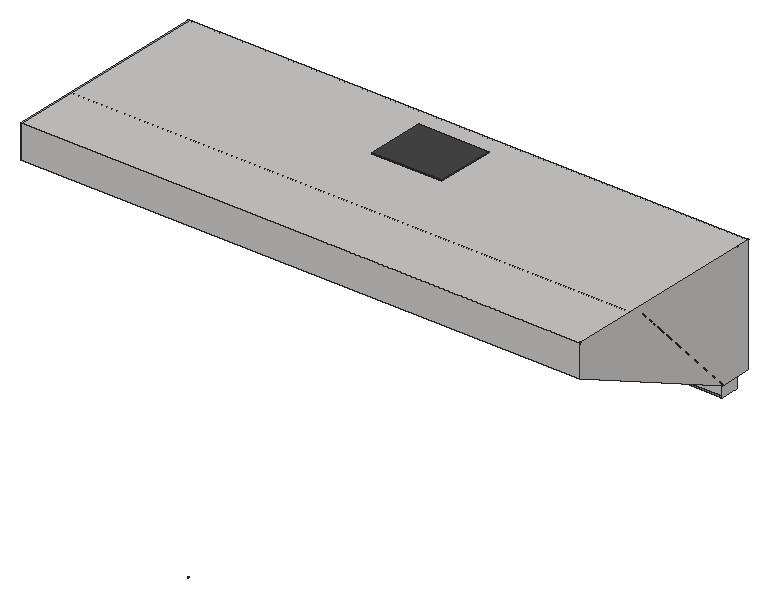
Revit family "QF_ELECTROLUXPROFESSIONAL_642289_MP924BT", category Specialty Equipment, Revit 2014
Reference planes
  plane 1: z = 0
  plane 2 "Center (Left/Right)": x = 150
  plane 3 "LEFT": x = -1050
  plane 4 "RIGHT": x = 1350
  plane 5 "BACK": y = 550
  plane 6 "Plane": z = 2000
  plane 7 "TOP": z = 2140
  plane 8 "Base": z = 1640
  plane 9: z = 1566
  plane 10 "DrainY": y = 485
  plane 11: x = -1047
  plane 12: through (0, 414.509, 1640.8) normal (0, 0.7314, 0.682)
  plane 13: y = 470
  plane 14: y = 220
  plane 15 "DrainX": x = 1230
  plane 16: x = 300
  plane 17: x = 0
  plane 18: x = 1347
  plane 19: x = 1140
  plane 20: x = 1320
  plane 21: x = -1010
  plane 22: x = -645
  plane 23: x = -450
  plane 24: x = 1310
  plane 25: x = 945
  plane 26: x = 750
  plane 27: x = -47.5
  plane 28: x = 347.5
  plane 29 "Center (Front/Back)": y = 100
  plane 30 "Front": y = -350
Forms (mm)
  Extrusion 1, solid, material "QF_Finishes_Stainless Steel"
    sketch origin (-1050, 0, 0) x (0, 1, 0) y (0, 0, 1)
      loop
        line (550, 1640) -> (550, 2140) -> (-350, 2140) -> (-350, 1999.112) -> (413.973, 1640) -> (550, 1640)
    from 0 to 3
  Extrusion 2, solid, material "QF_Finishes_Stainless Steel"
    sketch origin (150, 0, 0) x (0, 1, 0) y (0, 0, 1)
      loop
        line (415.255, 1640) -> (550, 1640) -> (550, 2139.19) -> (549.2, 2139.19) -> (549.2, 1640.8) -> (415.876, 1640.8) -> (339.347, 1722.867) -> (349.609, 1732.436) -> (348.927, 1733.167) -> (337.934, 1722.917) -> (415.255, 1640)
      loop
        line (-82.203, 2139.19) -> (-82.203, 2118.6) -> (-31.047, 2118.6) -> (34.354, 2048.466) -> (46.028, 2059.352) -> (45.346, 2060.083) -> (34.403, 2049.879) -> (-30.612, 2119.6) -> (-81.203, 2119.6) -> (-81.203, 2139.19) -> (-82.203, 2139.19)
    from -1197 to 1197
  Extrusion 3, solid, material "QF_Finishes_Stainless Steel"
    sketch origin (1350, 0, 0) x (0, 1, 0) y (0, 0, 1)
      loop
        line (550, 1640) -> (550, 2140) -> (-350, 2140) -> (-350, 1999.112) -> (413.973, 1640) -> (550, 1640)
    from 0 to -3
  Extrusion 4, solid, material "QF_Finishes_Stainless Steel"
    sketch origin (150, 0, 0) x (0, 1, 0) y (0, 0, 1)
      loop
        line (-350, 2140) -> (-350, 2000) -> (-349.2, 2000) -> (-349.2, 2139.19) -> (550, 2139.19) -> (550, 2140) -> (-350, 2140)
    from -1200 to 1200
  Extrusion 5, solid, material "QF_Finishes_Stainless Steel"
    sketch origin (150, 0, 0) x (0, 1, 0) y (0, 0, 1)
      loop
        line (534, 1640) -> (436, 1640) -> (436, 1627) -> (443.5, 1627) -> (443.5, 1576)
        arc (443.5, 1576) -> (446.429, 1568.929) -> (453.5, 1566) r 10
        line (453.5, 1566) -> (516.5, 1566)
        arc (516.5, 1566) -> (523.571, 1568.929) -> (526.5, 1576) r 10
        line (526.5, 1576) -> (526.5, 1627) -> (534, 1627) -> (534, 1640)
    from 990 to 1170
  Extrusion 6, solid, material "QF_Finishes_Stainless Steel"
    sketch origin (0, 0, 1640) x (0, 1, 0) y (-1, 0, 0)
      loop
        circle (485, -1230) r 20
    from -76 to -74
  Extrusion 7, solid, material "QF_Finished_Chrome"
    sketch origin (150, 0, 0) x (0, 1, 0) y (0, 0, 1)
      loop
        line (337.934, 1722.917) -> (341.591, 1726.327) -> (38.011, 2051.876) -> (34.354, 2048.466) -> (337.934, 1722.917)
    from -795 to -1160
  Extrusion 8, solid, material "QF_Finished_Chrome"
    sketch origin (150, 0, 0) x (0, 1, 0) y (0, 0, 1)
      loop
        line (337.934, 1722.917) -> (341.591, 1726.327) -> (38.011, 2051.876) -> (34.354, 2048.466) -> (337.934, 1722.917)
    from -197.5 to -600
  Extrusion 9, solid, material "QF_Finishes_Stainless Steel"
    sketch origin (150, 0, 0) x (0, 1, 0) y (0, 0, 1)
      loop
        line (337.934, 1722.917) -> (341.591, 1726.327) -> (38.011, 2051.876) -> (34.354, 2048.466) -> (337.934, 1722.917)
    from 1197 to 1160
  Extrusion 10, solid, material "QF_Finishes_Stainless Steel"
    sketch origin (150, 0, 0) x (0, 1, 0) y (0, 0, 1)
      loop
        line (341.588, 1726.324) -> (38.009, 2051.874) -> (34.354, 2048.466) -> (337.934, 1722.917) -> (341.588, 1726.324)
    from -795 to -600
  Extrusion 11, solid, material "QF_Finished_Chrome"
    sketch origin (150, 0, 0) x (0, 1, 0) y (0, 0, 1)
      loop
        line (341.588, 1726.324) -> (38.009, 2051.874) -> (34.354, 2048.466) -> (337.934, 1722.917) -> (341.588, 1726.324)
    from 795 to 1160
  Extrusion 12, solid, material "QF_Finishes_Black"
    sketch origin (0, 0, 2140) x (0, 1, 0) y (-1, 0, 0)
      loop
        line (470, 0) -> (220, 0) -> (220, -300) -> (470, -300) -> (470, 0)
    from 5 to 0
  Extrusion 13, solid, material "QF_Finishes_Stainless Steel"
    sketch origin (0, 0, 0) x (1, 0, 0) y (0, 1, 0)
      loop
        line (-1050, 550) -> (-1050, 549) -> (-1049, 549) -> (-1049, 550) -> (-1050, 550)
    from 0 to 1
  Extrusion 14, solid, material "QF_Finishes_Stainless Steel"
    sketch origin (150, 0, 0) x (0, 1, 0) y (0, 0, 1)
      loop
        line (337.934, 1722.917) -> (341.591, 1726.327) -> (38.011, 2051.876) -> (34.354, 2048.466) -> (337.934, 1722.917)
    from -1160 to -1197
  Extrusion 15, solid, material "QF_Finishes_Stainless Steel"
    sketch origin (150, 0, 0) x (0, 1, 0) y (0, 0, -1)
      loop
        line (341.588, -1726.324) -> (337.934, -1722.917) -> (34.354, -2048.466) -> (38.009, -2051.874) -> (341.588, -1726.324)
    from -795 to -600
  Extrusion 16, solid, material "QF_Finished_Chrome"
    sketch origin (150, 0, 0) x (0, 1, 0) y (0, 0, 1)
      loop
        line (337.934, 1722.917) -> (341.591, 1726.327) -> (38.011, 2051.876) -> (34.354, 2048.466) -> (337.934, 1722.917)
    from 600 to 197.5
  Extrusion 17, solid, material "QF_Finishes_Stainless Steel"
    sketch origin (150, 0, 0) x (0, 1, 0) y (0, 0, -1)
      loop
        line (341.588, -1726.324) -> (337.934, -1722.917) -> (34.354, -2048.466) -> (38.009, -2051.874) -> (341.588, -1726.324)
    from -197.5 to 197.5
Cuts and joins
  joined: Extrusion 2, Extrusion 4
Lines and regions (mm)
  reference lines
    curve 1: line (150, 34.354, 2048.466) -> (150, 34.354, 1888.466)
  symbolic lines, style "SpecialityEquipment", detail levels coarse
    curve 2: line (1350, 550, 2140) -> (-1050, 550, 2140)
    curve 3: line (-1050, 550, 2140) -> (-1050, -350, 2140)
    curve 4: line (1350, -350, 2140) -> (1350, 550, 2140)
    curve 5: line (-1050, -350, 2140) -> (1350, -350, 2140)
    curve 6: line (0, 220, 2140) -> (300, 220, 2140)
    curve 7: line (0, 470, 2140) -> (0, 220, 2140)
    curve 8: line (300, 470, 2140) -> (0, 470, 2140)
    curve 9: line (300, 220, 2140) -> (300, 470, 2140)
    curve 10: line (-1050, 550, 0) -> (1350, -350, 0)
    curve 11: line (1350, 550, 0) -> (-1050, -350, 0)
Dimensions and locks
  plane 3 "LEFT" to plane 4 "RIGHT" = 2400 mm
  equal spacing: plane 3 "LEFT", plane 2 "Center (Left/Right)", plane 4 "RIGHT"
  locked: plane 6 "Plane" to level at 2000
  plane 7 "TOP" to plane 6 "Plane" = 140 mm
  locked: plane 7 "TOP" to plane 8 "Base" at 500
  plane 8 "Base" to plane 9 = 74 mm
  plane 5 "BACK" to plane 10 "DrainY" = 65 mm  (x2)
  plane 3 "LEFT" to plane 11 = 3 mm
  plane 5 "BACK" to plane 13 = 80 mm
  plane 13 to plane 14 = 250 mm  (x2)
  plane 15 "DrainX" to plane 4 "RIGHT" = 120 mm
  plane 18 to plane 4 "RIGHT" = 3 mm
  locked: plane 19 to plane 15 "DrainX" at 90
  locked: plane 15 "DrainX" to plane 20 at 90
  plane 13 to plane 5 "BACK" = 80 mm
  locked: plane 3 "LEFT" to plane 21 at 40
  locked: plane 21 to plane 22 at 365
  locked: plane 22 to plane 23 at 195
  locked: plane 24 to plane 25 at 365
  locked: plane 25 to plane 26 at 195
  locked: plane 24 to plane 4 "RIGHT" at 40
  locked: plane 27 to plane 28 at 395
  equal spacing: plane 27, plane 2 "Center (Left/Right)", plane 28
  locked: plane 17 to plane 16 at 300
  equal spacing: plane 17, plane 2 "Center (Left/Right)", plane 16
  plane 23 to plane 27 = 402.5 mm
  plane 28 to plane 26 = 402.5 mm
  locked: plane 5 "BACK" to plane 30 "Front" at 900
  equal spacing: plane 5 "BACK", plane 29 "Center (Front/Back)", plane 30 "Front"
  plane 5 "BACK" to plane 30 "Front" = 900 mm
  aligned and locked: level to plane 1
  aligned and locked: Extrusion 2 to Extrusion 1
  aligned and locked: Extrusion 2 to Extrusion 3
  aligned and locked: plane 4 "RIGHT" to Extrusion 4
  aligned and locked: Extrusion 4 to plane 3 "LEFT"
  aligned and locked: plane 18 to Extrusion 9
  aligned and locked: plane 17 to Extrusion 12
  aligned and locked: Extrusion 12 to plane 16
  aligned and locked: Extrusion 12 to plane 14
  aligned and locked: Extrusion 12 to plane 13
  aligned and locked: Extrusion 2 to Extrusion 4
  aligned and locked: plane 20 to Extrusion 5
  aligned and locked: Extrusion 5 to plane 19
  aligned and locked: Extrusion 9 to plane 24
  aligned and locked: Extrusion 11 to plane 24
  aligned and locked: Extrusion 11 to plane 25
  aligned and locked: Extrusion 8 to plane 23
  aligned and locked: plane 23 to Extrusion 10
  aligned and locked: Extrusion 10 to plane 22
  aligned and locked: plane 22 to Extrusion 7
  aligned and locked: Extrusion 7 to plane 21
  aligned and locked: Extrusion 14 to plane 11
  aligned and locked: plane 21 to Extrusion 14
  aligned and locked: Extrusion 15 to plane 26
  aligned and locked: Extrusion 15 to plane 25
  aligned and locked: Extrusion 3 to plane 18
  aligned and locked: plane 27 to Extrusion 8
  aligned and locked: Extrusion 16 to plane 26
  aligned and locked: Extrusion 16 to plane 28
  aligned and locked: plane 28 to Extrusion 17
  aligned and locked: Extrusion 17 to plane 27
Automatic sketch dimensions
  curve 5 to plane 3 "LEFT" = 0 mm
  curve 9 to plane 14 = 0 mm
  plane 13 to curve 8 = 0 mm
  curve 3 to plane 5 "BACK" = 0 mm
  curve 5 to plane 4 "RIGHT" = 0 mm
  curve 6 to plane 16 = 0 mm
  curve 6 to plane 17 = 0 mm
  Extrusion 2 sketch curve to plane 12 = 0 mm  (x3)
  Extrusion 2 sketch curve to plane 8 "Base" = 0 mm
  plane 12 to Extrusion 2 sketch curve = 0 mm
  Extrusion 2 sketch curve to plane 5 "BACK" = 0 mm
  Extrusion 2 sketch curve to Extrusion 2 sketch curve = 65.646 mm
  Extrusion 2 sketch curve to Extrusion 2 sketch curve = 0.682 mm  (x2)
  Extrusion 2 sketch curve to Extrusion 2 sketch curve = 10.261 mm
  plane 8 "Base" to Extrusion 2 sketch curve = 82.917 mm
  Extrusion 2 sketch curve to Extrusion 2 sketch curve = 10.942 mm
  Extrusion 2 sketch curve to Extrusion 2 sketch curve = 0.049 mm
  Extrusion 2 sketch curve to plane 7 "TOP" = 20.4 mm
  Extrusion 2 sketch curve to plane 7 "TOP" = 21.4 mm
  Extrusion 2 sketch curve to plane 7 "TOP" = 0.81 mm  (x2)
  Extrusion 2 sketch curve to Extrusion 2 sketch curve = 50.156 mm
  Extrusion 2 sketch curve to Extrusion 2 sketch curve = 1 mm
  plane 8 "Base" to Extrusion 2 sketch curve = 0.8 mm
  Extrusion 2 sketch curve to plane 5 "BACK" = 0.8 mm
  Extrusion 3 sketch curve to plane 8 "Base" = 0 mm
  Extrusion 3 sketch curve to plane 5 "BACK" = 0 mm
  Extrusion 3 sketch curve to plane 7 "TOP" = 0 mm
  plane 13 to Extrusion 3 sketch curve = 56.027 mm
  Extrusion 4 sketch curve to plane 6 "Plane" = 0 mm
  Extrusion 4 sketch curve to plane 5 "BACK" = 0 mm
  Extrusion 4 sketch curve to plane 7 "TOP" = 0 mm
  Extrusion 4 sketch curve to plane 7 "TOP" = 0.81 mm
  curve 1 to plane 12 = 0 mm
  curve 1 to plane 6 "Plane" = 111.534 mm
  Extrusion 5 sketch curve to plane 8 "Base" = 0 mm
  Extrusion 5 sketch curve to plane 9 = 0 mm
  Extrusion 5 sketch curve to plane 8 "Base" = 13 mm  (x2)
  plane 13 to Extrusion 5 sketch curve = 34 mm
  Extrusion 5 sketch curve to Extrusion 5 sketch curve = 7.5 mm  (x2)
  Extrusion 5 sketch curve to Extrusion 5 sketch curve = 10 mm
  plane 10 "DrainY" to Extrusion 5 sketch curve = 31.5 mm
  Extrusion 5 sketch curve to plane 5 "BACK" = 23.5 mm
  Extrusion 6 sketch curve to plane 10 "DrainY" = 0 mm
  Extrusion 6 sketch curve to plane 15 "DrainX" = 0 mm
  Extrusion 7 sketch curve to plane 12 = 0 mm  (x2)
  Extrusion 7 sketch curve to Extrusion 7 sketch curve = 3.657 mm
  plane 8 "Base" to Extrusion 7 sketch curve = 82.917 mm
  Extrusion 8 sketch curve to plane 12 = 0 mm  (x2)
  Extrusion 8 sketch curve to Extrusion 8 sketch curve = 3.657 mm
  plane 8 "Base" to Extrusion 8 sketch curve = 82.917 mm
  Extrusion 9 sketch curve to plane 12 = 0 mm  (x2)
  Extrusion 9 sketch curve to Extrusion 9 sketch curve = 3.657 mm
  plane 8 "Base" to Extrusion 9 sketch curve = 82.917 mm
  Extrusion 10 sketch curve to plane 12 = 0 mm  (x2)
  Extrusion 10 sketch curve to Extrusion 10 sketch curve = 3.655 mm
  plane 8 "Base" to Extrusion 10 sketch curve = 82.917 mm
  Extrusion 11 sketch curve to plane 12 = 0 mm  (x2)
  Extrusion 11 sketch curve to Extrusion 11 sketch curve = 3.655 mm
  plane 8 "Base" to Extrusion 11 sketch curve = 82.917 mm
  Extrusion 12 sketch curve to plane 14 = 0 mm
  plane 13 to Extrusion 12 sketch curve = 0 mm
  Extrusion 12 sketch curve to plane 16 = 0 mm
  Extrusion 12 sketch curve to plane 17 = 0 mm
  Extrusion 13 sketch curve to plane 3 "LEFT" = 0 mm
  Extrusion 13 sketch curve to plane 5 "BACK" = 0 mm
  plane 3 "LEFT" to Extrusion 13 sketch curve = 1 mm
  Extrusion 13 sketch curve to Extrusion 13 sketch curve = 1 mm
  Extrusion 14 sketch curve to plane 12 = 0 mm  (x2)
  Extrusion 14 sketch curve to Extrusion 14 sketch curve = 3.657 mm
  plane 8 "Base" to Extrusion 14 sketch curve = 82.917 mm
  Extrusion 15 sketch curve to plane 12 = 0 mm  (x2)
  Extrusion 15 sketch curve to Extrusion 15 sketch curve = 3.655 mm
  plane 8 "Base" to Extrusion 15 sketch curve = 82.917 mm
  Extrusion 16 sketch curve to plane 12 = 0 mm  (x2)
  Extrusion 16 sketch curve to Extrusion 16 sketch curve = 3.657 mm
  plane 8 "Base" to Extrusion 16 sketch curve = 82.917 mm
  Extrusion 17 sketch curve to plane 12 = 0 mm  (x2)
  Extrusion 17 sketch curve to Extrusion 17 sketch curve = 3.655 mm
  plane 8 "Base" to Extrusion 17 sketch curve = 82.917 mm
  Extrusion 4 sketch curve to Extrusion 4 sketch curve = 0.8 mm
  curve 5 to plane 14 = 570 mm
  plane 6 "Plane" to Extrusion 2 sketch curve = 48.466 mm
  Extrusion 4 sketch curve to plane 14 = 569.2 mm
  curve 1 to plane 14 = 185.646 mm
  plane 6 "Plane" to Extrusion 7 sketch curve = 51.876 mm
  plane 6 "Plane" to Extrusion 8 sketch curve = 51.876 mm
  plane 6 "Plane" to Extrusion 9 sketch curve = 51.876 mm
  plane 6 "Plane" to Extrusion 10 sketch curve = 51.874 mm
  plane 6 "Plane" to Extrusion 11 sketch curve = 51.874 mm
  plane 6 "Plane" to Extrusion 14 sketch curve = 51.876 mm
  plane 6 "Plane" to Extrusion 15 sketch curve = 51.874 mm
  plane 6 "Plane" to Extrusion 16 sketch curve = 51.876 mm
  plane 6 "Plane" to Extrusion 17 sketch curve = 51.874 mm
  Extrusion 1 sketch curve to plane 30 "Front" = 0 mm
  Extrusion 1 sketch curve to plane 8 "Base" = 0 mm
  Extrusion 1 sketch curve to plane 5 "BACK" = 0 mm
  Extrusion 1 sketch curve to plane 7 "TOP" = 0 mm
  plane 13 to Extrusion 1 sketch curve = 56.027 mm
  Extrusion 1 sketch curve to plane 6 "Plane" = 0.888 mm
  Extrusion 3 sketch curve to plane 30 "Front" = 0 mm
  Extrusion 3 sketch curve to plane 6 "Plane" = 0.888 mm
  curve 11 to plane 3 "LEFT" = 0 mm
  curve 10 to plane 3 "LEFT" = 0 mm
  curve 11 to plane 4 "RIGHT" = 0 mm
  curve 10 to plane 4 "RIGHT" = 0 mm
  curve 10 to plane 30 "Front" = 0 mm
  curve 11 to plane 30 "Front" = 0 mm
  curve 11 to plane 5 "BACK" = 0 mm
  curve 10 to plane 5 "BACK" = 0 mm
  radius of Extrusion 6 sketch curve = 20 mm
Connectors
  piping at (1230, 485, 1564), diameter 20
    settings: on Extrusion 6, index 1, connector inside diameter 609.6 mm, connector length 0 mm, flow factor 0, pipe flow 0.0 L/s, pressure drop 0.0 Pa, fitting loss kfactor 0, connector angle 0.00°, fixture units 0, engagement length 0 mm, angle of deflection 0.00°, flow configuration 1, flow direction 2, fitting loss method 0, system type 16, joint type 0, gender type 0, connector reference index -1, connector utility 0, adjustable connector no, is connector primary yes, connector description "Drain"
  hvac at (150, 345, 2145)
    settings: on Extrusion 12, index 2, duct flow 0.0 L/s, flow factor 0, pres drop 0.0 Pa, loss coef 0, conn angle 0.00°, conn width 250 mm, conn height 300 mm, conn diameter 609.6 mm, duct sys type 3, conn prof type 1, flow config 1, flow direction 0, loss method 0, conn ref index -1, conn util no, is conn primary yes, conn desc "EXHAUST OUTLET"
